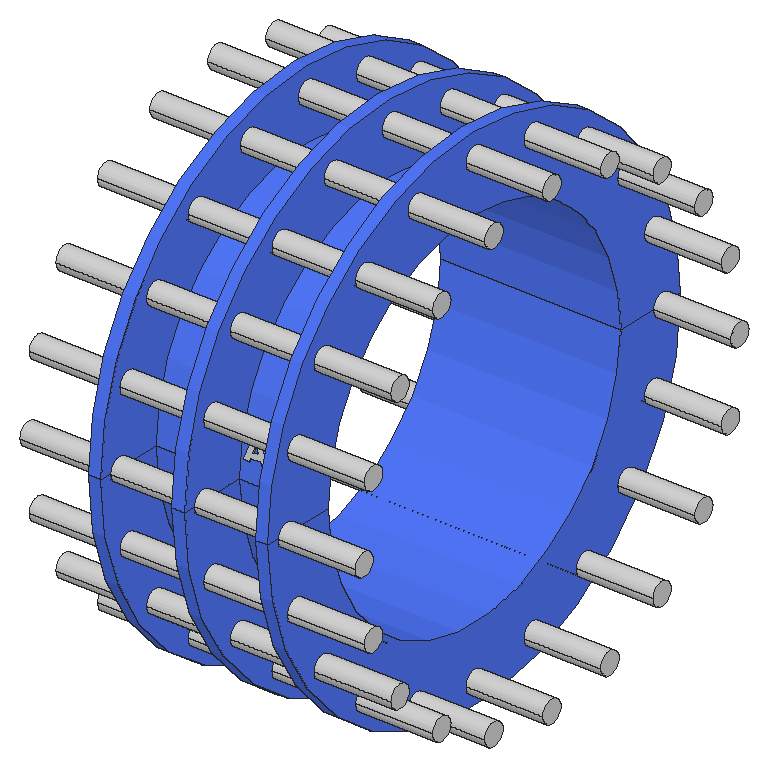
Revit family "873-00-002-DN450-600", category Pipe Accessories, Revit 2019
Family settings
  Round Connector Dimension = Use Diameter
  Part Type = Valve - Breaks Into
  Work Plane-Based = No
  Always vertical = Yes
  Cut with Voids When Loaded = No
  Shared = No
Parameters (values of type "DN600")
  d2 = size_lookup(Search_table, "d2", 0 mm, DN) / 2  # 422.5 mm
  d1 = size_lookup(Search_table, "d1", 0 mm, DN)  # 770 mm
  URL product pages = "https://www.avkvalves.com/P.aspx?no=873045000741000"
  T = size_lookup(Search_table, "T", 0 mm, DN)  # 36 mm
  L = size_lookup(Search_table, "L", 0 mm, DN)  # 550 mm
  Id(Radius) = DN / 2  # 300 mm
  Flange_thickness = 20 mm  # constant formula
  Description_ = "AVK DISMANTLING JOINT"
  DN = 600 mm
  Search_table = "873-00-002-DN450-600"
  Body_Wallthicknss = 10 mm  # constant formula
  Angle = 22.50°  # constant formula
  A = size_lookup(Search_table, "A", 0 mm, DN)  # 295 mm
  873-0600-00-741000 = "DN600_PN25"
  873-0500-00-741000 = "DN500_PN25"
  873-0450-00-741000 = "DN450_PN25"
Types (4, lengths in mm): name | d2 | d1 | T | L | Id(Radius) | DN | A
  (no name) | 422.5 | 770 | 36 | 550 | 300 | 600 | 295
  DN450 | 335 | 600 | 33 | 500 | 225 | 450 | 255
  DN500 | 365 | 660 | 33 | 500 | 250 | 500 | 275
  DN600 | 422.5 | 770 | 36 | 550 | 300 | 600 | 295
Reference planes
  plane 1 "Center (Front/Back)": y = 0
  plane 2: z = 0
  plane 3 "Center (Left/Right)": x = 0
  plane 4: y = 32.5
  plane 5: y = -30
  plane 6: z = 385
  plane 7: z = -385
  plane 8: y = 385
  plane 9: y = -385
  plane 10: x = -275
  plane 11: x = 275
  plane 12: through (0, 0, 0) normal (0, 0.309, 0.9511)
  plane 13: through (0, 0, 0) normal (0, 0.5878, 0.809)
  plane 14: through (0, 0, 0) normal (0, 0.809, 0.5878)
  plane 15: through (0, 0, 0) normal (0, 0.9511, 0.309)
  plane 16: through (0, 0, 0) normal (0, 0.9511, -0.309)
  plane 17: through (0, 0, 0) normal (0, 0.809, -0.5878)
  plane 18: through (0, 0, 0) normal (0, 0.5878, -0.809)
  plane 19: through (0, 0, 0) normal (0, 0.309, -0.9511)
  plane 20: x = -147.5
  plane 21: x = 147.5
  plane 22: z = 422.5
  plane 23: z = -422.5
Forms (mm)
  Revolve 1, solid, material "Plastic"
    sketch origin (0, 0, 0) x (1, 0, 0) y (0, 1, 0)
      loop
        line (-127.5, 422.5) -> (-147.5, 422.5) -> (-147.5, 300) -> (147.5, 300) -> (147.5, 422.5) -> (127.5, 422.5) -> (127.5, 310) -> (10, 310) -> (10, 422.5) -> (-10, 422.5) -> (-10, 310) -> (-127.5, 310) -> (-127.5, 422.5)
      axis (-147.5, 0) -> (147.5, 0)
    angle from 0 to 360
  Extrusion 2, solid, material "Stainless Steel AISI 304"
    sketch origin (0, 0, 0) x (0, 1, 0) y (0, 0, 1)
      loop
        circle (0, 385) r 18
      loop
        circle (-385, 0) r 18
      loop
        circle (0, -385) r 18
      loop
        circle (385, 0) r 18
      loop
        circle (-118.972, 366.157) r 18
      loop
        circle (-226.297, 311.472) r 18
      loop
        circle (-311.472, 226.297) r 18
      loop
        circle (-366.157, 118.972) r 18
      loop
        circle (-311.472, -226.297) r 18
      loop
        circle (-226.297, -311.472) r 18
      loop
        circle (-118.972, -366.157) r 18
      loop
        circle (118.972, -366.157) r 18
      loop
        circle (226.297, -311.472) r 18
      loop
        circle (311.472, -226.297) r 18
      loop
        circle (366.157, -118.972) r 18
      loop
        circle (366.157, 118.972) r 18
      loop
        circle (311.472, 226.297) r 18
      loop
        circle (226.297, 311.472) r 18
      loop
        circle (118.972, 366.157) r 18
      loop
        circle (-366.157, -118.972) r 18
    from -275 to 275
Dimensions and locks
  "Flange_thickness": Revolve 1 sketch curve to Revolve 1 sketch curve  (x3)
  equal spacing: Revolve 1 sketch curve, plane 3 "Center (Left/Right)", Revolve 1 sketch curve  (x2)
  "A": Revolve 1 sketch curve to Revolve 1 sketch curve
  "Id(Radius)": plane 1 "Center (Front/Back)" to Revolve 1 sketch curve
  "Body_Wallthicknss": Revolve 1 sketch curve to Revolve 1 sketch curve
  "d2": plane 1 "Center (Front/Back)" to Revolve 1 sketch curve
  equal spacing: plane 6, level, plane 7
  equal spacing: plane 8, plane 1 "Center (Front/Back)", plane 9
  "d1": plane 8 to plane 9
  "d1": plane 6 to plane 7
  equal spacing: plane 11, plane 3 "Center (Left/Right)", plane 10
  "L": plane 11 to plane 10
  equal spacing: Extrusion 2 sketch curve, level, Extrusion 2 sketch curve
  "d1": Extrusion 2 sketch curve to Extrusion 2 sketch curve  (x10)
  equal spacing: Extrusion 2 sketch curve, plane 1 "Center (Front/Back)", Extrusion 2 sketch curve
  equal spacing: Extrusion 2 sketch curve, plane 16, Extrusion 2 sketch curve
  equal spacing: Extrusion 2 sketch curve, plane 17, Extrusion 2 sketch curve
  equal spacing: Extrusion 2 sketch curve, plane 18, Extrusion 2 sketch curve
  equal spacing: Extrusion 2 sketch curve, plane 19, Extrusion 2 sketch curve
  equal spacing: Extrusion 2 sketch curve, plane 12, Extrusion 2 sketch curve
  equal spacing: Extrusion 2 sketch curve, plane 13, Extrusion 2 sketch curve
  equal spacing: Extrusion 2 sketch curve, plane 14, Extrusion 2 sketch curve
  equal spacing: Extrusion 2 sketch curve, plane 15, Extrusion 2 sketch curve
  plane 6 to plane 7 = 770 mm
  equal spacing: plane 21, plane 3 "Center (Left/Right)", plane 20
  "A": plane 21 to plane 20
  equal spacing: plane 22, level, plane 23
  "d2": level to plane 23
  plane 22 to plane 23 = 845 mm
  "T": diameter of Extrusion 2 sketch curve  (x20)
  equal spacing: level, plane 12, plane 13, plane 14, plane 15, plane 1 "Center (Front/Back)"
  equal spacing: plane 1 "Center (Front/Back)", plane 16, plane 17, plane 18, plane 19, level
  aligned and locked: level to plane 2
  aligned and locked: Revolve 1 sketch curve to Revolve 1 sketch curve  (x3)
  aligned and locked: plane 1 "Center (Front/Back)" to Revolve 1 sketch curve
  aligned and locked: Extrusion 2 to plane 10
  aligned and locked: Extrusion 2 to plane 11
Automatic sketch dimensions
  Revolve 1 sketch curve to plane 3 "Center (Left/Right)" = 37.5 mm
  plane 3 "Center (Left/Right)" to Revolve 1 sketch curve = 37.5 mm
  Extrusion 2 sketch curve to plane 12 = 0 mm  (x2)
  plane 19 to Extrusion 2 sketch curve = 0 mm  (x2)
  Extrusion 2 sketch curve to plane 13 = 0 mm  (x2)
  plane 18 to Extrusion 2 sketch curve = 0 mm  (x2)
  plane 17 to Extrusion 2 sketch curve = 0 mm  (x2)
  Extrusion 2 sketch curve to plane 14 = 0 mm  (x2)
  Extrusion 2 sketch curve to plane 15 = 0 mm  (x2)
  plane 16 to Extrusion 2 sketch curve = 0 mm  (x2)
  Extrusion 2 sketch curve to plane 1 "Center (Front/Back)" = 0 mm  (x2)
  Extrusion 2 sketch curve to level = 0 mm  (x2)
Nested families
  nested 1: "LOGO 4" at (65.733, -308.473, 30.729) x (1, 0, 0) z (0, -0.9951, 0.0991), type "LOGO 4"
Connectors
  piping at (147.5, 0, 0), diameter 600, driven by "DN"
    settings: on Revolve 1, index 1, connector inside diameter 609.6 mm, connector length 0 mm, flow factor 0, pipe flow 0.0 L/s, pressure drop 0.0 Pa, fitting loss kfactor 0, connector angle 0.00°, fixture units 0, engagement length 0 mm, angle of deflection 0.00°, flow configuration 0, flow direction 0, fitting loss method 0, system type 7, joint type 0, gender type 0, connector reference index -1, connector utility 0, adjustable connector no, is connector primary yes, connector description ""
  piping at (-147.5, 0, 0), diameter 600, driven by "DN"
    settings: on Revolve 1, index 2, connector inside diameter 609.6 mm, connector length 0 mm, flow factor 0, pipe flow 0.0 L/s, pressure drop 0.0 Pa, fitting loss kfactor 0, connector angle 0.00°, fixture units 0, engagement length 0 mm, angle of deflection 0.00°, flow configuration 0, flow direction 0, fitting loss method 0, system type 7, joint type 0, gender type 0, connector reference index -1, connector utility 0, adjustable connector no, is connector primary no, connector description ""
Definition of nested family "LOGO 4"
  Parameters
    Default Elevation = 1219.2 mm
  Reference planes
    plane 1 "Center (Front/Back)": y = 0
    plane 2: z = 0
    plane 3 "Center (Left/Right)": x = 0
  Forms (mm)
    Extrusion 1, solid
      sketch origin (0, 0, 0) x (1, 0, 0) y (0, 1, 0)
        loop
          line (-1219.2, 1219.2) -> (-1219.2, -1219.2) -> (1219.2, -1219.2) -> (1219.2, 1219.2) -> (-1219.2, 1219.2)
      from 0 to -304.8
    Extrusion 2, solid
      sketch origin (0, 0, 0) x (1, 0, 0) y (0, 1, 0)
        loop
          line (-13.414, 47.067) -> (-49.421, 47.067) -> (-49.421, 37.301) -> (-20.11, 37.301) -> (-4.923, 0) -> (4.923, 0) -> (20.11, 37.301) -> (49.421, 37.301) -> (49.421, 47.067) -> (13.414, 47.067) -> (0, 14.12) -> (-13.414, 47.067)
        loop
          line (-49.421, 24.122) -> (-40.161, 24.122) -> (-49.421, 0) -> (-38.959, 0) -> (-36.972, 5.177) -> (-21.641, 5.177) -> (-19.533, 0) -> (-8.989, 0) -> (-22.642, 33.536) -> (-49.421, 33.536) -> (-49.421, 24.122)
        loop
          line (-34.548, 14.12) -> (-25.282, 14.12) -> (-30.051, 25.833) -> (-34.548, 14.12)
        loop
          line (22.642, 33.536) -> (8.989, 0) -> (19.533, 0) -> (24.902, 13.186) -> (34.838, 0) -> (47.067, 0) -> (35.829, 14.914)
          arc (35.829, 14.914) -> (42.384, 18.149) -> (46.597, 24.122) r 14.826
          line (46.597, 24.122) -> (49.421, 24.122) -> (49.421, 33.536) -> (40.007, 33.536)
          arc (40.007, 33.536) -> (36.577, 25.039) -> (28.208, 21.306) r 12.238
          line (28.208, 21.306) -> (33.187, 33.536) -> (22.642, 33.536)
      from 0 to 1
  Dimensions and locks
    aligned and locked: plane 2 to Extrusion 1
    aligned and locked: level to Extrusion 1
